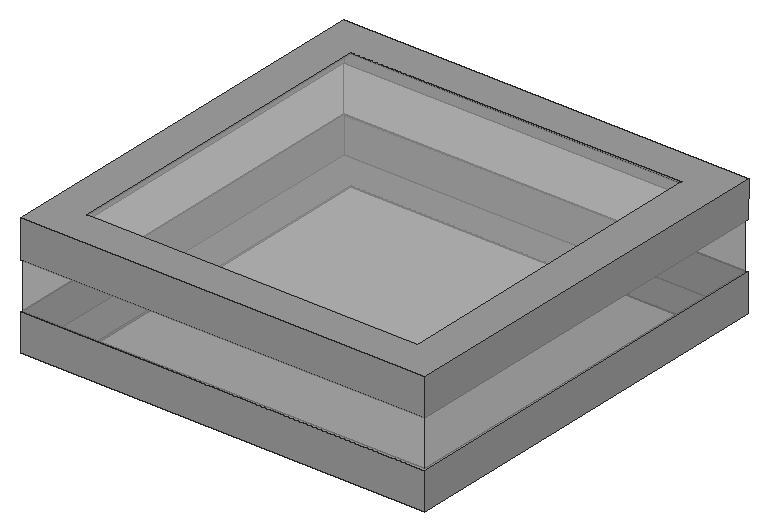
Revit family
Parameters (values of type "JURBA DL-218L")
  built-in parameter 1150105 = 160.75 (stored number, unit not read)
  Dimming Lamp Color Temperature Shift = (empty or 0)
  built-in parameter 1150139 = (empty or 0)
  built-in parameter 1150133 = 10 (stored number, unit not read)
  built-in parameter 1150109 = 1 (stored number, unit not read)
  built-in parameter 1114218 = 1 (stored number, unit not read)
  built-in parameter 1150110 = 1 (stored number, unit not read)
  built-in parameter 1150112 = 1 (stored number, unit not read)
  built-in parameter 1150113 = 1 (stored number, unit not read)
  Lumens = 2020 lm
  Light Source Symbol Size = 100 mm
  Manufacturer = "KANLUX"  # constant formula
  built-in parameter 1150107 = 2800 (stored number, unit not read)
  Keynote = "08981"
  Apparent Load = 36 VA
  built-in parameter 1150106 = 1.6075 (stored number, unit not read)
  Model = "JURBA DL-218L"
  Wattage = 36.0007 W
  built-in parameter 1150137 = (empty or 0)
  built-in parameter 1150132 = (empty or 0)
  Materiał klosza = klosz
  Materiał obudowy = obudowa
  built-in parameter 1150138 = (empty or 0)
  built-in parameter 1150134 = 4
  built-in parameter 1150102 = (empty or 0)
  Color Filter = 16777215
  Emit from Rectangle Width = 233 mm
  Emit from Rectangle Length = 233 mm
  Emit Shape Visible in Rendering = no
  built-in parameter 1150104 = 5.2128 (stored number, unit not read)
  Default Elevation = 85 mm
  built-in parameter 1150115 = 1 (stored number, unit not read)
  built-in parameter 1150114 = 1 (stored number, unit not read)
  built-in parameter 1114217 = 1 (stored number, unit not read)
Reference planes
  plane 1 "Środek (Przód/Tył)": y = 0
  plane 2: z = 0
  plane 3 "Środek (Lewa/Prawa)": x = 0
  plane 4 "rzędna": z = -85
  plane 5: z = 0
  plane 6: x = -142.5
  plane 7: x = 142.5
  plane 8: y = 142.5
  plane 9: y = -142.5
  plane 10: z = -59
  plane 11: y = -116.5
  plane 12: z = -26
Forms (mm)
  Extrusion 1, solid, not visible
    sketch origin (0, 0, 0) x (1, 0, 0) y (0, 1, 0)
      loop
        line (-1219.2, 1219.2) -> (-1219.2, -1219.2) -> (1219.2, -1219.2) -> (1219.2, 1219.2) -> (-1219.2, 1219.2)
    from 0 to 304.8
  Sweep 2, solid, material "obudowa" <- "Materiał obudowy"
    path origin (-1129.177, -4572, -85) x (-1, 0, 0) y (0, -1, 0)
      loop
        line (-986.677, -4429.5) -> (-1271.677, -4429.5) -> (-1271.677, -4714.5) -> (-986.677, -4714.5) -> (-986.677, -4429.5)
    profile origin (0, -142.5, -85) x (0, 1, 0) y (0, 0, 1)
      loop
        line (0, 26) -> (0, 0) -> (26, 0) -> (26, 1) -> (1, 1) -> (1, 26) -> (0, 26)
  Sweep 3, solid, material "obudowa" <- "Materiał obudowy"
    path origin (-689.471, -4572, 0) x (-1, 0, 0) y (0, -1, 0)
      loop
        line (-546.971, -4429.5) -> (-831.971, -4429.5) -> (-831.971, -4714.5) -> (-546.971, -4714.5) -> (-546.971, -4429.5)
    profile origin (0, -142.5, 0) x (0, 1, 0) y (0, 0, 1)
      loop
        line (26, 0) -> (0, 0) -> (0, -26) -> (1, -26) -> (1, -1) -> (26, -1) -> (26, 0)
  Extrusion 4, solid, material "klosz" <- "Materiał klosza"
    sketch origin (-1129.177, -4572, -85) x (-1, 0, 0) y (0, -1, 0)
      loop
        line (-987.677, -4713.5) -> (-987.677, -4430.5) -> (-1270.677, -4430.5) -> (-1270.677, -4713.5) -> (-987.677, -4713.5)
    from 1 to 84
Dimensions and locks
  "Default Elevation": level to plane 4 "rzędna"
  locked: plane 5 to plane 4 "rzędna" at 85
  equal spacing: plane 6, plane 3 "Środek (Lewa/Prawa)", plane 7
  locked: plane 6 to plane 7 at 285
  equal spacing: plane 9, plane 1 "Środek (Przód/Tył)", plane 8
  locked: plane 9 to plane 8 at 285
  locked: plane 10 to plane 4 "rzędna" at 26
  locked: plane 9 to plane 11 at 26
  locked: plane 5 to plane 12 at 26
  aligned and locked: plane 2 to Extrusion 1
  aligned and locked: level to Extrusion 1
  aligned and locked: Sweep 2 sketch curve to plane 10
  aligned and locked: profile plane to Sweep 2 sketch curve
  aligned and locked: Sweep 2 sketch curve to plane 11
  aligned and locked: Sweep 2 sketch curve to plane 4 "rzędna"
  aligned and locked: profile plane to Sweep 3 sketch curve  (x2)
  aligned and locked: Sweep 3 sketch curve to plane 11
  aligned and locked: Sweep 3 sketch curve to plane 12
  aligned and locked: plane 9 to Sweep 2 sketch curve
  aligned and locked: Sweep 2 sketch curve to plane 7
  aligned and locked: Sweep 2 sketch curve to plane 8
  aligned and locked: plane 6 to Sweep 2 sketch curve
  aligned and locked: plane 9 to Sweep 3 sketch curve
  aligned and locked: Sweep 3 sketch curve to plane 7
  aligned and locked: plane 6 to Sweep 3 sketch curve
  aligned and locked: Sweep 3 sketch curve to plane 8
  aligned and locked: plane 10 to imposter light
Automatic sketch dimensions
  Extrusion 1 sketch curve to Extrusion 1 sketch curve = 2438.4 mm  (x2)
  Sweep 2 sketch curve to profile plane = 1 mm
  Sweep 2 sketch curve to Sweep 2 sketch curve = 1 mm
  Sweep 3 sketch curve to profile plane = 1 mm
  Sweep 3 sketch curve to Sweep 3 sketch curve = 1 mm
  Extrusion 4 sketch curve to plane 8 = 1 mm
  Extrusion 4 sketch curve to plane 7 = 1 mm
  Extrusion 4 sketch curve to plane 6 = 1 mm
  Extrusion 4 sketch curve to plane 9 = 1 mm
Connectors
  electrical at (0, 0, 0), driven by "Apparent Load"
    settings: on plane 5, index 1
